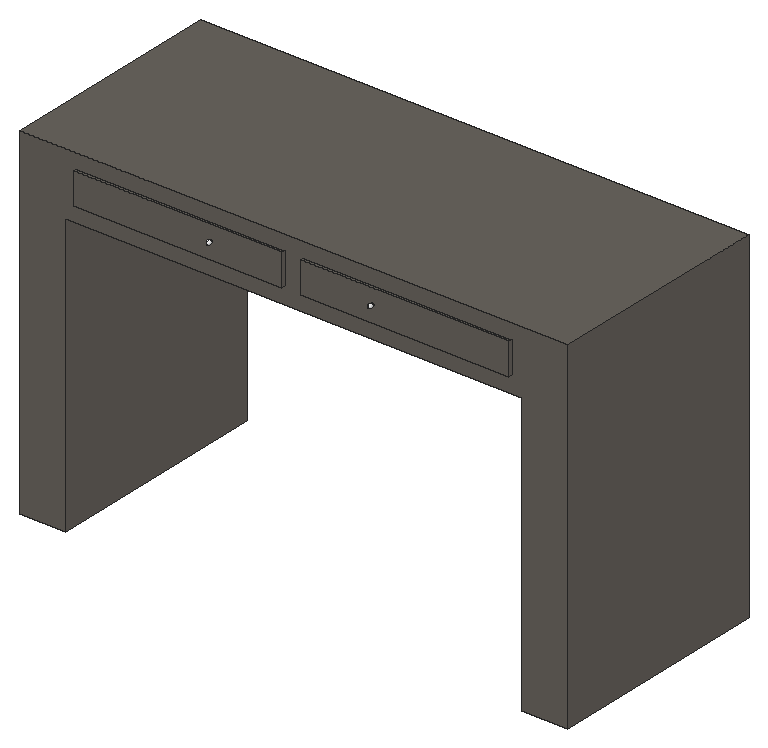
Revit family
Parameters (values of type "화장대")
  화장대재질 = 화장대
  화장대-손잡이 = 화장대 -손잡이
  화장대-서랍 = 화장대
  폭 = 1210 mm
  다리두께 = 100 mm
  높이 = 760 mm
  깊이 = 500 mm
  Assembly Code = ""
Reference planes
  plane 1 "Center (Front/Back)": y = 0
  plane 2: z = 0
  plane 3 "Center (Left/Right)": x = 0
  plane 4 "left": x = -605
  plane 5 "right": x = 605
  plane 6 "front": y = -250
  plane 7 "back": y = 250
  plane 8 "top": z = 760
Forms (mm)
  Extrusion 1, solid, material "화장대" <- "화장대재질"
    sketch origin (0, 0, 0) x (1, 0, 0) y (0, 0, 1)
      loop
        line (-605, 0) -> (-505, 0) -> (-505, 620) -> (505, 620) -> (505, 0) -> (605, 0) -> (605, 760) -> (-605, 760) -> (-605, 0)
    from -250 to 250
  Extrusion 2, solid, material "화장대" <- "화장대-서랍"
    sketch origin (0, 0, 0) x (1, 0, 0) y (0, 0, 1)
      loop
        line (-481.135, 727.154) -> (-481.135, 657.154) -> (-21.135, 657.154) -> (-21.135, 727.154) -> (-481.135, 727.154)
      loop
        line (481.135, 727.154) -> (21.135, 727.154) -> (21.135, 657.154) -> (481.135, 657.154) -> (481.135, 727.154)
    from 250 to 256.161
  Revolve 3, solid, material "화장대 -손잡이" <- "화장대-손잡이"
    sketch origin (-178.485, 0, 1.201) x (0, 1, 0) y (0, 0, 1)
      loop
        arc (-257.914, 694.693) -> (-263.21, 695.969) -> (-267.098, 692.154) r 5.618
        line (-267.098, 692.154) -> (-256.161, 692.154) -> (-256.161, 694.693) -> (-257.914, 694.693)
      axis (-256.161, 692.154) -> (-267.098, 692.154)
    angle from 0 to 360
  Revolve 4, solid, material "화장대 -손잡이" <- "화장대-손잡이"
    sketch origin (178.485, 0, 1.201) x (0, 1, 0) y (0, 0, -1)
      loop
        line (-257.914, -694.693) -> (-256.161, -694.693) -> (-256.161, -692.154) -> (-267.098, -692.154)
        arc (-267.098, -692.154) -> (-263.21, -695.969) -> (-257.914, -694.693) r 5.618
      axis (-256.161, -692.154) -> (-267.098, -692.154)
    angle from 0 to 360
Dimensions and locks
  "깊이": plane 6 "front" to plane 7 "back"
  equal spacing: plane 6 "front", plane 1 "Center (Front/Back)", plane 7 "back"
  "높이": plane 8 "top" to level
  "폭": plane 4 "left" to plane 5 "right"
  equal spacing: plane 4 "left", plane 3 "Center (Left/Right)", plane 5 "right"
  "다리두께": Extrusion 1 to Extrusion 1  (x2)
  locked: Extrusion 1 to Extrusion 2 sketch curve at 32.846
  locked: Extrusion 2 sketch curve to Extrusion 1 at 37.154
  locked: Extrusion 2 to Extrusion 1 at 6.161
  aligned and locked: Extrusion 1 to plane 7 "back"
  aligned and locked: Extrusion 1 to plane 6 "front"
  aligned and locked: plane 6 "front" to Extrusion 2
Automatic sketch dimensions
  Extrusion 1 sketch curve to plane 4 "left" = 0 mm
  Extrusion 1 sketch curve to level = 0 mm  (x2)
  Extrusion 1 sketch curve to plane 5 "right" = 0 mm
  Extrusion 1 sketch curve to plane 8 "top" = 0 mm
  plane 4 "left" to Extrusion 1 sketch curve = 100 mm
  Extrusion 1 sketch curve to plane 5 "right" = 100 mm
  Extrusion 1 sketch curve to plane 8 "top" = 140 mm
  plane 4 "left" to Extrusion 2 sketch curve = 123.865 mm
  Extrusion 2 sketch curve to plane 3 "Center (Left/Right)" = 21.135 mm
  plane 3 "Center (Left/Right)" to Extrusion 2 sketch curve = 21.135 mm
  Extrusion 2 sketch curve to plane 5 "right" = 123.865 mm
  Extrusion 2 sketch curve to Extrusion 2 sketch curve = 0 mm
  Extrusion 2 sketch curve to plane 8 "top" = 32.846 mm
  Revolve 3 sketch curve to plane 6 "front" = 71.161 mm
  Revolve 3 sketch curve to plane 6 "front" = 17.098 mm
  Revolve 3 sketch curve to Revolve 3 sketch curve = 5.385 mm
  Revolve 3 sketch curve to Revolve 3 sketch curve = 3.799 mm
  Revolve 3 sketch curve to Revolve 3 sketch curve = 1.753 mm
  Revolve 3 sketch curve to Revolve 3 sketch curve = 0 mm  (x2)
  Revolve 3 sketch curve to plane 8 "top" = 68.244 mm
  Revolve 3 sketch curve to Revolve 3 sketch curve = 1.599 mm
  Revolve 4 sketch curve to plane 6 "front" = 71.161 mm
  Revolve 4 sketch curve to plane 6 "front" = 17.098 mm
  Revolve 4 sketch curve to Revolve 4 sketch curve = 5.385 mm
  Revolve 4 sketch curve to Revolve 4 sketch curve = 3.799 mm
  Revolve 4 sketch curve to Revolve 4 sketch curve = 1.753 mm
  Revolve 4 sketch curve to Revolve 4 sketch curve = 0 mm  (x2)
  Revolve 4 sketch curve to plane 8 "top" = 64.105 mm
  Revolve 4 sketch curve to Revolve 4 sketch curve = 2.54 mm
